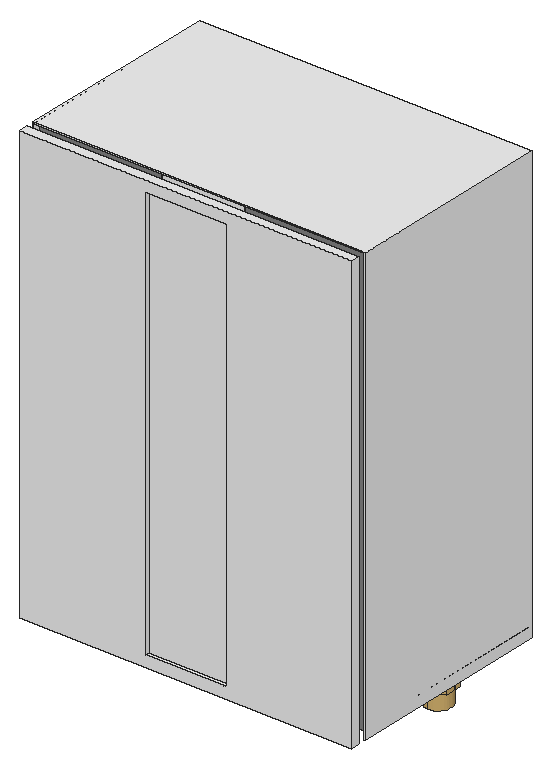
Revit family "Akva Lux II_RFA", category Mechanical Equipment, Revit 2019
Family settings
  Round Connector Dimension = Use Diameter
  Classification = None
  Part Type = Normal
  OmniClass Number = 23.75.65.11.11
  OmniClass Title = Heating Controllers
  Work Plane-Based = No
  Always vertical = Yes
  Cut with Voids When Loaded = No
  Shared = No
  Room Calculation Point = No
Parameters (values of type "Akva Lux II_Type 2_Cu_with Cover_145G0104")
  With Cover = yes
  Weight = 10.00 kg
  W1 = 40 mm  # constant formula
  W with cover = 210 mm  # constant formula
  W = 190 mm  # constant formula
  URL = "https://store.danfoss.com/en/Climate-Solutions-for-heating/Stations/Instantaneous-water-heaters-with-heat-exchanger/c/4063?q=%3Arelevance%3Adanfoss_producttypehierarchydesc%3Af07549fab3f79e3ad085f894f613dcc55631eef1%3Adanfoss_producttypehierarchydesc%3AAkva+Lux+II&text="
  Type Image = <None>
  Type Comments = ""
  Top [instance] = if(or(Clearance Zone Visibility, Clearance Zone Top Visibility), 1 = 1, 1 = 0)  # no
  Right [instance] = if(or(Clearance Zone Visibility, Clearance Zone Right Visibility), 1 = 1, 1 = 0)  # no
  Pressure Drop (DHW) [instance] = 0.0 Pa
  Pressure Drop (DH) [instance] = 0.0 Pa
  Pressure Drop (DCW) [instance] = 0.0 Pa
  Nut size = 30 mm  # constant formula
  Nominal Pressure (Secondary) = "PN 10"  # constant formula
  Nominal Pressure (Primary) = "PN 16"  # constant formula
  Model Type = "Akva Lux II_Type 2_Cu_with Cover"
  Model = "145G0104"
  Manufacturer = "Danfoss"  # constant formula
  Left [instance] = if(or(Clearance Zone Visibility, Clearance Zone Left Visibility), 1 = 1, 1 = 0)  # no
  LOD 350 = not(LOD 200)  # yes
  LOD 200 = no
  L1a = 53 mm  # constant formula
  L1 = 53 mm  # constant formula
  L = 306 mm  # constant formula
  Insulation Material = Danfoss EPP insulation
  IfcExportType = "Akva Lux II"  # constant formula
  IfcExportAs = "IfcFlowController"  # constant formula
  HEX material = Danfoss Copper
  HEX Type = "Type 2 (XB06H-1 40)"
  H2 = 13 mm  # constant formula
  H1 = 5 mm  # constant formula
  H = 403 mm  # constant formula
  Front [instance] = if(or(Clearance Zone Visibility, Clearance Zone Front Visibility), 1 = 1, 1 = 0)  # no
  Flow (DHW) [instance] = 0.0 L/s
  Flow (DH) [instance] = 0.0 L/s
  Flow (DCW) [instance] = 0.0 L/s
  Description = "Small Stations"  # constant formula
  DHW capacity = 64 kW
  DHW Temperature DHS/DHR = "70/20 °C"
  DHW Tap Load 50°C = "23 l/min"
  DHW Pressure Loss Primary = "36 kPa"
  DHW Flow Rate Primary = "1000 l/h"
  D = 20 mm  # constant formula
  Cover Material = Danfoss Stainless Steel (White-lacquered)
  Connection = "G 3/4 External Thread"  # constant formula
  Clearance Zone Visibility [instance] = no
  Clearance Zone Top Visibility [instance] = no
  Clearance Zone Top [instance] = 25 mm  # constant formula
  Clearance Zone Right Visibility [instance] = no
  Clearance Zone Right [instance] = 50 mm  # constant formula
  Clearance Zone Left Visibility [instance] = no
  Clearance Zone Left [instance] = 50 mm  # constant formula
  Clearance Zone Front Visibility [instance] = no
  Clearance Zone Front [instance] = 150 mm  # constant formula
  Clearance Zone Bottom Visibility [instance] = no
  Clearance Zone Bottom [instance] = 25 mm  # constant formula
  Bottom [instance] = if(or(Clearance Zone Visibility, Clearance Zone Bottom Visibility), 1 = 1, 1 = 0)  # no
  Assembly Code = ""
Types (8, lengths in mm): name | With Cover | Weight | Model Type | Model | HEX Type | DHW capacity | DHW Temperature DHS/DHR | DHW Tap Load 50°C | DHW Pressure Loss Primary | DHW Flow Rate Primary
  Akva Lux II_Type 1_Cu_145G0091 | no | 9.00 kg | "Akva Lux II_Type 1_Cu" | "145G0091" | "Type 1 (XB06H-1 26)" | 57 kW | "70/21 °C" | "20 l/min" | "35 kPa" | "1000 l/h"
  Akva Lux II_Type 3_Cu_145G0341 | no | 11.00 kg | "Akva Lux II_Type 3_Cu" | "145G0341" | "Type 3 (XB06H-1 60)" | 62 kW | "65/16 °C" | "22 l/min" | "35 kPa" | "1100 l/h"
  Akva Lux II_Type 2_Cu_145G0092 | no | 10.00 kg | "Akva Lux II_Type 2_Cu" | "145G0092" | "Type 2 (XB06H-1 40)" | 64 kW | "70/20 °C" | "23 l/min" | "36 kPa" | "1000 l/h"
  Akva Lux II_Type 1_Cu_with Cover_145G0103 | yes | 9.00 kg | "Akva Lux II_Type 1_Cu_with Cover" | "145G0103" | "Type 1 (XB06H-1 26)" | 57 kW | "70/21 °C" | "20 l/min" | "35 kPa" | "1000 l/h"
  Akva Lux II_Type 2_Cu_with Cover_145G0104 | yes | 10.00 kg | "Akva Lux II_Type 2_Cu_with Cover" | "145G0104" | "Type 2 (XB06H-1 40)" | 64 kW | "70/20 °C" | "23 l/min" | "36 kPa" | "1000 l/h"
  Akva Lux II_Type 1_SS_145G0273 | no | 9.00 kg | "Akva Lux II_Type 1_SS" | "145G0273" | "Type 1 (XB06H-1 26)" | 57 kW | "70/21 °C" | "20 l/min" | "35 kPa" | "1000 l/h"
  Akva Lux II_Type 2_SS_145G0264 | no | 10.00 kg | "Akva Lux II_Type 2_SS" | "145G0264" | "Type 2 (XB06H-1 40)" | 64 kW | "70/20 °C" | "23 l/min" | "36 kPa" | "1000 l/h"
  Akva Lux II_Type 3_Cu_with Cover_145G0342 | yes | 11.00 kg | "Akva Lux II_Type 3_Cu_with Cover" | "145G0342" | "Type 3 (XB06H-1 60)" | 62 kW | "65/16 °C" | "22 l/min" | "35 kPa" | "1100 l/h"
Reference planes
  plane 1 "Center (Front/Back)": y = 0
  plane 2: z = 0
  plane 3 "Center (Left/Right)": x = 0
  plane 4: y = -40
  plane 5: x = -153
  plane 6: x = 153
  plane 7: z = 403
  plane 8: y = -190
  plane 9: z = 5
  plane 10: z = -13
  plane 11: x = -100
  plane 12: x = 100
  plane 13: x = -40
  plane 14: x = 40
  plane 15 "Front 1": y = -210
Forms (mm)
  Extrusion 1, solid, material "Danfoss EPP insulation", visible <- "LOD 200"
    sketch origin (0, 0, 0) x (1, 0, 0) y (0, 0, 1)
      loop
        line (-153, 403) -> (-153, 0) -> (153, 0) -> (153, 403) -> (-153, 403)
    from 0 to 190 <- "W"
  Extrusion 2, solid, visible <- "Front"
    sketch origin (15, -190, 238.394) x (1, 0, 0) y (0, 0, 1)
      loop
        line (-168, 164.606) -> (-168, -238.394) -> (138, -238.394) -> (138, 164.606) -> (-168, 164.606)
    from 150 <- "Clearance Zone Front" to 0
  Extrusion 3, solid, visible <- "Right"
    sketch origin (0, 0, 0) x (1, 0, 0) y (0, 0, 1)
      loop
        line (153, 403) -> (153, 0) -> (203, 0) -> (203, 403) -> (153, 403)
    from 190 <- "W" to 0
  Extrusion 4, solid, visible <- "Left"
    sketch origin (0, 0, 0) x (1, 0, 0) y (0, 0, 1)
      loop
        line (-153, 403) -> (-203, 403) -> (-203, 0) -> (-153, 0) -> (-153, 403)
    from 190 <- "W" to 0
  Extrusion 5, solid, visible <- "Top"
    sketch origin (0, 0, 0) x (1, 0, 0) y (0, 0, 1)
      loop
        line (-153, 403) -> (153, 403) -> (153, 428) -> (-153, 428) -> (-153, 403)
    from 190 <- "W" to 0
  Extrusion 6, solid, visible <- "Bottom"
    sketch origin (0, 0, 0) x (1, 0, 0) y (0, 0, 1)
      loop
        line (-153, 0) -> (-153, -25) -> (153, -25) -> (153, 0) -> (-153, 0)
    from 190 <- "W" to 0
  Extrusion 7, solid, material "Danfoss EPP insulation" <- "Insulation Material", visible <- "LOD 350"
    sketch origin (0, 0, 0) x (1, 0, 0) y (0, 0, 1)
      loop
        arc (-147, 403) -> (-151.243, 401.243) -> (-153, 397) r 6
        line (-153, 397) -> (-153, 6)
        arc (-153, 6) -> (-151.243, 1.757) -> (-147, 0) r 6
        line (-147, 0) -> (147, 0)
        arc (147, 0) -> (151.243, 1.757) -> (153, 6) r 6
        line (153, 6) -> (153, 397)
        arc (153, 397) -> (151.243, 401.243) -> (147, 403) r 6
        line (147, 403) -> (-147, 403)
    from 190 to 0
  Extrusion 8, void
    sketch origin (0, 0, 0) x (1, 0, 0) y (0, 0, 1)
      loop
        line (-38.75, 0) -> (38.75, 0) -> (38.75, 403) -> (-38.75, 403) -> (-38.75, 0)
    from 190 to 187
  Extrusion 9, solid, material "Danfoss Plastic White", visible <- "LOD 350"
    sketch origin (0, 0, 0) x (1, 0, 0) y (0, 0, 1)
      loop
        line (-38.75, 403) -> (-38.75, 0) -> (38.75, 0) -> (38.75, 403) -> (-38.75, 403)
    from 187 to 190
  Extrusion 10, solid, material "Danfoss Stainless Steel (White-lacquered)" <- "Cover Material", visible <- "With Cover"
    sketch origin (0, -210, 0) x (0, 0, -1) y (1, 0, 0)
      loop
        line (-404, -155.3) -> (4.5, -155.3) -> (4.5, 155.3) -> (-404, 155.3) -> (-404, -155.3)
    from 0 to -8
  Extrusion 11, solid, material "Danfoss Stainless Steel (White-lacquered)" <- "Cover Material", visible <- "With Cover"
    sketch origin (0, -210, 0) x (0, 0, -1) y (1, 0, 0)
      loop
        line (-396.5, -147.8) -> (-3, -147.8) -> (-3, 147.8) -> (-396.5, 147.8) -> (-396.5, -147.8)
    from -15.5 to -8
  Extrusion 12, solid, material "Danfoss Stainless Steel (White-lacquered)" <- "Cover Material", visible <- "With Cover"
    sketch origin (0, -193.298, 0) x (0, 0, -1) y (1, 0, 0)
      loop
        line (-404, -155.3) -> (4.5, -155.3) -> (4.5, -154.3) -> (-403, -154.3) -> (-403, 154.3) -> (4.5, 154.3) -> (4.5, 155.3) -> (-404, 155.3) -> (-404, -155.3)
    from 1.202 to -193.298
  Extrusion 13, void
    sketch origin (0, 0, 0) x (1, 0, 0) y (0, 0, 1)
      loop
        line (-37.75, 393.5) -> (-37.75, 6) -> (37.75, 6) -> (37.75, 393.5) -> (-37.75, 393.5)
    from 210 to 206
Cuts and joins
  Extrusion 8, Extrusion 13 cuts Extrusion 2
  Extrusion 8, Extrusion 13 cuts Extrusion 7
  Extrusion 13 cuts Extrusion 1
  Extrusion 13 cuts Extrusion 9
  Extrusion 13 cuts Extrusion 10
  Extrusion 13 cuts Extrusion 11
Dimensions and locks
  "Clearance Zone Right": Extrusion 3 sketch curve to Extrusion 2
  "Clearance Zone Left": Extrusion 4 sketch curve to Extrusion 2
  "H": plane 7 to plane 2
  equal spacing: plane 6, plane 3 "Center (Left/Right)", plane 5
  "L": plane 6 to plane 5
  "W": plane 8 to plane 1 "Center (Front/Back)"
  "H1": plane 9 to level
  "H2": plane 2 to plane 10
  "W1": plane 4 to plane 1 "Center (Front/Back)"
  "L1": plane 5 to plane 11
  "L1a": plane 12 to plane 6
  level to Extrusion 7 = 403 mm
  equal spacing: Extrusion 8 sketch curve, plane 3 "Center (Left/Right)", Extrusion 8 sketch curve
  Extrusion 8 sketch curve to Extrusion 8 sketch curve = 77.5 mm
  "Clearance Zone Bottom": plane 2 to Extrusion 6 sketch curve
  "Clearance Zone Top": Extrusion 5 sketch curve to plane 7
  plane 11 to plane 3 "Center (Left/Right)" = 100 mm
  equal spacing: Extrusion 9 sketch curve, plane 3 "Center (Left/Right)", Extrusion 9 sketch curve
  Extrusion 9 sketch curve to Extrusion 9 sketch curve = 77.5 mm
  locked: plane 13 to plane 11 at 60
  locked: plane 12 to plane 14 at 60
  equal spacing: Extrusion 10 sketch curve, plane 3 "Center (Left/Right)", Extrusion 10 sketch curve
  Extrusion 10 sketch curve to plane 7 = 1 mm
  "W with cover": plane 15 "Front 1" to plane 1 "Center (Front/Back)"
  Extrusion 10 sketch curve to Extrusion 10 sketch curve = 310.6 mm
  Extrusion 10 sketch curve to Extrusion 10 sketch curve = 408.5 mm
  locked: Extrusion 10 to Extrusion 11 sketch curve at 7.5  (x2)
  equal spacing: Extrusion 11 sketch curve, plane 3 "Center (Left/Right)", Extrusion 11 sketch curve
  Extrusion 11 sketch curve to Extrusion 11 sketch curve = 393.5 mm
  cut or joined group of Extrusion 2, Extrusion 8, Extrusion 13 to Extrusion 11 = 396.5 mm
  Extrusion 10 to Extrusion 13 sketch curve = 10.5 mm
  Extrusion 13 sketch curve to Extrusion 10 = 10.5 mm
  equal spacing: Extrusion 13 sketch curve, plane 3 "Center (Left/Right)", Extrusion 13 sketch curve
  Extrusion 13 sketch curve to Extrusion 13 sketch curve = 75.5 mm
  radius of Extrusion 7 sketch curve = 6 mm  (x4)
  aligned and locked: level to plane 2
  aligned and locked: Extrusion 2 sketch curve to Extrusion 1  (x2)
  aligned and locked: plane 2 to Extrusion 1 sketch curve
  aligned and locked: plane 5 to Extrusion 1 sketch curve
  aligned and locked: Extrusion 1 sketch curve to plane 6
  aligned and locked: Extrusion 7 sketch curve to plane 6
  aligned and locked: plane 8 to Extrusion 7
  aligned and locked: Extrusion 7 to plane 1 "Center (Front/Back)"
  aligned and locked: Extrusion 3 to Extrusion 8
  aligned and locked: Extrusion 2 sketch curve to plane 7
  aligned and locked: plane 2 to Extrusion 2 sketch curve
  aligned and locked: plane 2 to Extrusion 3 sketch curve
  aligned and locked: Extrusion 3 sketch curve to plane 7
  aligned and locked: plane 6 to Extrusion 3 sketch curve
  aligned and locked: Extrusion 4 sketch curve to plane 2
  aligned and locked: plane 7 to Extrusion 4 sketch curve
  aligned and locked: plane 5 to Extrusion 4 sketch curve
  aligned and locked: Extrusion 6 sketch curve to plane 2
  aligned and locked: plane 5 to Extrusion 6 sketch curve
  aligned and locked: Extrusion 6 sketch curve to plane 6
  aligned and locked: Extrusion 5 sketch curve to plane 7
  aligned and locked: Extrusion 5 sketch curve to plane 5
  aligned and locked: plane 6 to Extrusion 5 sketch curve
  aligned and locked: plane 7 to Extrusion 7
  aligned and locked: plane 7 to Extrusion 8
  aligned and locked: Extrusion 8 to level
  aligned and locked: Extrusion 7 to level
  aligned and locked: Extrusion 9 to Extrusion 1
  aligned and locked: Extrusion 9 to cut or joined group of Extrusion 2, Extrusion 8, Extrusion 13
  aligned and locked: plane 7 to Extrusion 1
  aligned and locked: nested 1 to plane 11
  aligned and locked: nested 2 to plane 13
  aligned and locked: nested 3 to plane 14
  aligned and locked: nested 4 to plane 12
  aligned and locked: nested 4 to plane 4
  aligned and locked: nested 3 to plane 4
  aligned and locked: nested 2 to plane 4
  aligned and locked: nested 1 to plane 4
  aligned and locked: plane 15 "Front 1" to Extrusion 10
  aligned and locked: Extrusion 10 to Extrusion 11
  aligned and locked: Extrusion 12 sketch curve to Extrusion 10  (x3)
  aligned and locked: Extrusion 10 to Extrusion 12 sketch curve
  aligned and locked: Extrusion 12 to Extrusion 11
  aligned and locked: Extrusion 12 to plane 1 "Center (Front/Back)"
  aligned and locked: plane 15 "Front 1" to Extrusion 13
Automatic sketch dimensions
  Extrusion 1 sketch curve to plane 7 = 0 mm
  Extrusion 7 sketch curve to plane 5 = 0 mm
  Extrusion 7 sketch curve to level = 0 mm
  Extrusion 7 sketch curve to plane 7 = 0 mm
  Extrusion 8 sketch curve to level = 0 mm
  Extrusion 8 sketch curve to plane 7 = 0 mm
  Extrusion 9 sketch curve to level = 0 mm
  Extrusion 9 sketch curve to plane 7 = 0 mm
  Extrusion 12 sketch curve to plane 7 = 0 mm
  Extrusion 12 sketch curve to Extrusion 12 sketch curve = 1 mm  (x2)
  Extrusion 12 sketch curve to level = 4.5 mm
Nested families
  nested 1: "Connector" at (0, 2, 0), type "Safety Valve"
  nested 2: "Connector" at (60, 2, 0), type "Safety Valve"
  nested 3: "Connector" at (140, 2, 0), type "Safety Valve"
  nested 4: "Connector" at (200, 2, 0), type "Safety Valve"
  nested 5: "Metal plate (Indicator)" at (0, 0, 0), visible <- "LOD 350", type "Metal plate (Indicator)"
Connectors
  piping at (-100, -40, -45.638), diameter 20, driven by "D", driven by "Flow (DCW)"
    settings: on nested 1, index 1, connector inside diameter 609.6 mm, connector length 0 mm, flow factor 0, pipe flow 0.0 L/s, pressure drop 0.0 Pa, fitting loss kfactor 0, connector angle 0.00°, fixture units 0, engagement length 0 mm, angle of deflection 0.00°, flow configuration 0, flow direction 1, fitting loss method 0, system type 20, joint type 0, gender type 0, connector reference index -1, connector utility 0, adjustable connector no, is connector primary yes, connector description ""
  piping at (-40, -40, -45.638), diameter 20, driven by "D", driven by "Flow (DHW)"
    settings: on nested 2, index 2, connector inside diameter 609.6 mm, connector length 0 mm, flow factor 0, pipe flow 0.0 L/s, pressure drop 0.0 Pa, fitting loss kfactor 0, connector angle 0.00°, fixture units 0, engagement length 0 mm, angle of deflection 0.00°, flow configuration 0, flow direction 2, fitting loss method 0, system type 19, joint type 0, gender type 0, connector reference index -1, connector utility 0, adjustable connector no, is connector primary no, connector description ""
  piping at (40, -40, -45.638), diameter 20, driven by "D", driven by "Flow (DH)"
    settings: on nested 3, index 3, connector inside diameter 609.6 mm, connector length 0 mm, flow factor 0, pipe flow 0.0 L/s, pressure drop 0.0 Pa, fitting loss kfactor 0, connector angle 0.00°, fixture units 0, engagement length 0 mm, angle of deflection 0.00°, flow configuration 0, flow direction 1, fitting loss method 0, system type 7, joint type 0, gender type 0, connector reference index -1, connector utility 0, adjustable connector no, is connector primary no, connector description ""
  piping at (100, -40, -45.638), diameter 20, driven by "D", driven by "Flow (DH)"
    settings: on nested 4, index 4, connector inside diameter 609.6 mm, connector length 0 mm, flow factor 0, pipe flow 0.0 L/s, pressure drop 0.0 Pa, fitting loss kfactor 0, connector angle 0.00°, fixture units 0, engagement length 0 mm, angle of deflection 0.00°, flow configuration 0, flow direction 2, fitting loss method 0, system type 8, joint type 0, gender type 0, connector reference index -1, connector utility 0, adjustable connector no, is connector primary no, connector description ""
Definition of nested family "Connector"
  Parameters (values of type "Safety Valve")
    LOD 350 = not(LOD 200)  # yes
    LOD 200 = no
  Reference planes
    plane 1 "Center (Front/Back)": y = 0
    plane 2: z = 0
    plane 3 "Center (Left/Right)": x = 0
    plane 4: y = 579
    plane 5: z = -91
    plane 6: y = -42
    plane 7 "Plane Left 1": x = -100
    plane 8: y = -81.85
  Forms (mm)
    Revolve 1, solid
      sketch origin (-100, 0, 0) x (0, -1, 0) y (0, 0, 1)
        loop
          line (42, 2.85) -> (29, 2.85) -> (29, -8.15) -> (30.907, -8.15) -> (30.907, -21) -> (29.873, -21) -> (29.873, -60.25) -> (42, -60.25) -> (42, 2.85)
        axis (42, 2.85) -> (42, -60.25)
      angle from 0 to 360
    Extrusion 2, solid, visible <- "LOD 350"
      sketch origin (68.874, 39.85, -26.125) x (1, 0, 0) y (0, 1, 0)
        loop
          line (-168.874, -65.684) -> (-182.874, -73.767) -> (-182.874, -89.933) -> (-168.874, -98.016) -> (-154.874, -89.933) -> (-154.874, -73.767) -> (-168.874, -65.684)
      from -19.512 to -13.762
    Extrusion 3, solid, visible <- "LOD 350"
      sketch origin (68.874, 39.85, -8.253) x (1, 0, 0) y (0, 1, 0)
        loop
          line (-183.874, -73.19) -> (-183.874, -90.51) -> (-168.874, -99.171) -> (-153.874, -90.51) -> (-153.874, -73.19) -> (-168.874, -64.529) -> (-183.874, -73.19)
      from -23.297 to -7.297
  Dimensions and locks
    locked: level to plane 5 at 91
    plane 6 to plane 1 "Center (Front/Back)" = 42 mm
    plane 7 "Plane Left 1" to plane 3 "Center (Left/Right)" = 100 mm
    aligned and locked: level to plane 2
    aligned and locked: Revolve 1 sketch curve to Revolve 1 sketch curve
    aligned and locked: Revolve 1 sketch curve to plane 6  (x2)
Definition of nested family "Metal plate (Indicator)"
  Reference planes
    plane 1 "Center (Front/Back)": y = 0
    plane 2: z = 0
    plane 3 "Center (Left/Right)": x = 0
  Forms (mm)
    Extrusion 1, solid
      sketch origin (0, 0, 0) x (0, 1, 0) y (0, 0, 1)
        loop
          line (-15, -0.5) -> (-61.5, -0.5) -> (-61.5, -18) -> (-58.5, -18) -> (-58.5, -2) -> (-15, -2) -> (-15, -0.5)
      from -130 to 130
  Dimensions and locks
    locked: Extrusion 1 sketch curve to plane 1 "Center (Front/Back)" at 61.5
    locked: Extrusion 1 sketch curve to Extrusion 1 sketch curve at 46.5
    locked: level to Extrusion 1 sketch curve at 18
    locked: Extrusion 1 sketch curve to Extrusion 1 sketch curve at 3
    locked: Extrusion 1 sketch curve to Extrusion 1 sketch curve at 1.5
    aligned and locked: level to plane 2
